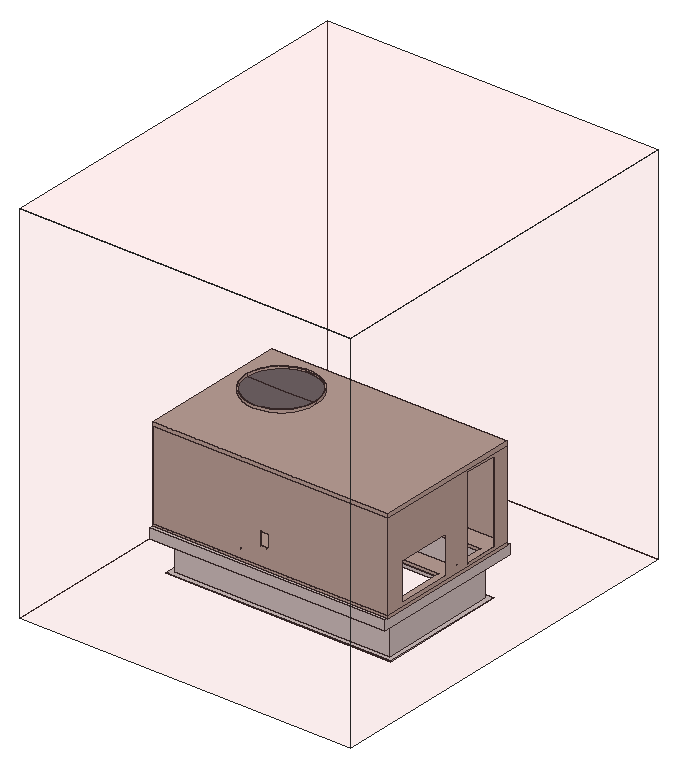
Revit family "CDR-ZX04-06, ZQ04-05, ZY04, XQ04, XY04", category Mechanical Equipment, Revit 2023
Family settings
  Round Connector Dimension = Use Diameter
  Part Type = Normal
  Work Plane-Based = No
  Always vertical = Yes
  Cut with Voids When Loaded = No
  Maintain Annotation Orientation = No
  Shared = No
  Room Calculation Point = No
Parameters (values of type "ZX04 - 3 Ton")
  Width = 48.880"  # constant formula
  Voltage = 208 V
  URL = "www.johnsoncontrols.com"
  Temperature Rise Range [instance] = 0 °F
  Supply Fan HP = 0 VA
  Supply Fan Full Load Current = 0 A
  Supply Air Connection Width (Optional) = 17 97/256"  # constant formula
  Supply Air Connection Width = 12 33/256"  # constant formula
  Supply Air Connection Height (Optional) = 11 241/256"  # constant formula
  Supply Air Connection Height = 17 3/4"  # constant formula
  Steady State Efficiency [instance] = 0
  Static Resistance [instance] = 0
  Standard Capacity Evaporator [instance] = "0"
  Show Clearance [instance] = yes
  Serial Number [instance] = ""
  Seasonal Energy Efficiency Rating [instance] = 0
  Return Air Dry Bulb Temperature [instance] = 0 °F
  Return Air Connection Width (Optional) = 10 113/128"  # constant formula
  Return Air Connection Width = 25 161/256"  # constant formula
  Return Air Connection Height (Optional) = 25 177/256"  # constant formula
  Return Air Connection Height = 10 225/256"  # constant formula
  Refrigerant Used = "R-410A"  # constant formula
  Refrigerant Charge System Two = 0.00 lbf
  Refrigerant Charge System One = 3.81 lbf
  Product Page URL = ""
  Product Documentation Link = ""
  Power Factor = 1  # constant formula
  Outdoor Ambient Temperature [instance] = 0 °F
  Outdoor Air Wet Bulb Temperature [instance] = 0 °F
  Operating Weight = 469.00 lbf
  OmniClass Title = "Packaged Rooftop Air Conditioning Units"  # constant formula
  OmniClass Number = "23.75.10.24.21.27.14"  # constant formula
  Number of Poles = 3
  Nominal Cooling Capacity = 3.0 ton
  Model = "ZX04"
  Maximum Overcurrent Protection = 0 A
  Manufacturer = "Johnson Controls, Inc."  # constant formula
  Length = 74.050"  # constant formula
  Keynote = ""
  Integrated Part Load Value = 0
  Height = 32.530"  # constant formula
  Gas Heating Performance MBH Output = 0 Btu/h
  Gas Heating Performance MBH Input = 0 Btu/h
  Gas Connection Diameter = 1/2"  # constant formula
  Frame Finish = Paint - JCI - Powder Coated - Galvanized Steel
  Filter Type = "2\""
  Filter Size and Quantity = "(16 x 25 x 2) - 2"  # constant formula
  Family Revision Date = "10/26/2017"  # constant formula
  Exhaust Fan HP [instance] = 0 VA
  Exhaust Air Flow = 0 CFM
  Exhaust Air Blower Full Load Current [instance] = 0 A
  Evaporator Coil Row Count = 2
  Evaporator Coil Fins per Inch = 15  # constant formula
  External Static Pressure [instance] = 0.00 in-wg
  Energy Efficiency Rating = 0
  Design Supply Air Flow [instance] = 0 CFM
  Description = "CDR Packaged Unit - 3 Ton Unit"
  Default Elevation = 0.000"
  Curb Width = 40.688"  # constant formula
  Curb Thicknes = 1.750"  # constant formula
  Curb Length = 70.875"  # constant formula
  Curb Height [instance] = 14.000"  # constant formula
  Curb Material = Metal - JCI - Steel - Galvanized With Wood Nailer
  Curb Exists [instance] = yes
  Copyright © = "Copyright © 2001-2017 Johnson Controls"  # constant formula
  Convenience Outlet Voltage [instance] = 0 V
  Convenience Outlet Full Load Current = 0 A
  Condenser Fan Quantity = 1  # constant formula
  Condenser Fan HP = 0 VA
  Condenser Fan Full Load Current = 0 A
  Condenser Fan Drive Type = "Direct"  # constant formula
  Condenser Fan Diameter = 22.000"  # constant formula
  Condenser Coils Fins per Inch = 23  # constant formula
  Condenser Coil Rows = 1
  Condensate Drain Flow [instance] = 0 GPM
  Condensate Drain Connection Diameter = 3/4"  # constant formula
  Compressor Type = "Scroll"  # constant formula
  Compressor Size = "0"  # constant formula
  Compressor Running Load Current = 0 A
  Compressor Quantity = 1  # constant formula
  Compressor Maximum Continuous Current = 0 A
  Compressor Locked Rotor Current = 0 A
  Clearance Top = 72.000"
  Clearance Right = 18.000"
  Clearance Left = 12.000"
  Clearance Front = 36.000"
  Clearance Bottom [instance] = if(Curb Exists, (Curb Height - Cabinet Base Thickness), 0.000")  # 10.940"
  Clearance Back = 36.000"
  Cabinet Base Thickness = 3.060"  # constant formula
  CTRL Curb Height [instance] = if(Curb Exists, Curb Height, Cabinet Base Thickness)  # 14.000"
  Assembly Code = ""
  Actual Supply Gas Connection Flow [instance] = 0 GPM
  Actual Supply Air Flow [instance] = 0 CFM
  Actual Return Air Flow [instance] = 0 CFM
Types (7): name | Refrigerant Charge System One | Operating Weight | Nominal Cooling Capacity | Model | Evaporator Coil Row Count | Description | Condenser Coil Rows
  (no name) | 3.81 lbf | 469.00 lbf | 3.0 ton | "ZX04" | 2 | "CDR Packaged Unit - 3 Ton Unit" | 1
  ZX04 - 3 Ton | 3.81 lbf | 469.00 lbf | 3.0 ton | "ZX04" | 2 | "CDR Packaged Unit - 3 Ton Unit" | 1
  ZX05 - 4 Ton | 3.75 lbf | 498.00 lbf | 4.0 ton | "ZX05" | 3 | "CDR Packaged Unit - 4 Ton Unit" | 2
  ZX06 - 5 Ton | 5.25 lbf | 530.00 lbf | 5.0 ton | "ZX06" | 4 | "CDR Packaged Unit - 5 Ton Unit" | 1
  ZY04 - 3 Ton | 4.63 lbf | 481.00 lbf | 3.0 ton | "ZY04" | 3 | "CDR Packaged Unit - 3 Ton Unit" | 1
  ZQ04 - 3 Ton | 3.38 lbf | 450.20 lbf | 3.0 ton | "ZQ04" | 2 | "CDR Packaged Unit - 3 Ton Unit" | 1
  ZQ05 - 4 Ton | 4.38 lbf | 487.20 lbf | 4.0 ton | "ZQ05" | 3 | "CDR Packaged Unit - 4 Ton Unit" | 1
Reference planes (in)
  plane 1 "Center (Front/Back)": y = 0
  plane 2 "Curb Bottom": z = 0
  plane 3 "Center (Left/Right)": x = 0
  plane 4 "Left": x = -37.025
  plane 5 "Right": x = 37.025
  plane 6 "Back": y = 24.44
  plane 7 "Front": y = -24.44
  plane 8 "Curb Top": z = 10.94
  plane 9 "Top": z = 43.47
  plane 10 "Cabinet Base": z = 14
  plane 11 "Top Inset": z = 42.22
  plane 12: z = 14.75
  plane 13 "Curb Right": x = 35.4375
  plane 14 "Curb Left": x = -35.4375
  plane 15 "Curb Back": y = 20.344
  plane 16 "Curb Front": y = -20.344
Forms (in)
  Sweep 1, solid, material "Metal - JCI - Steel Galvanized", detail levels fine
    path origin (0, 0, 0) x (1, 0, 0) y (0, 0, 1)
      loop
        line (0, 10.94) -> (0, 14)
    profile origin (0, 0, 12.47) x (-1, 0, 0) y (0, -1, 0)
      loop
        line (36.895, -24.44) -> (36.895, 24.44) -> (-36.915, 24.44) -> (-36.915, -24.44) -> (36.895, -24.44)
      loop
        line (36.395, -20.87) -> (36.395, 20.87) -> (-36.415, 20.87) -> (-36.415, -20.87) -> (36.395, -20.87)
  Sweep 2, solid, material "Paint - JCI - Powder Coated - Galvanized Steel" <- "Frame Finish", detail levels fine
    path origin (0, 0, 0) x (1, 0, 0) y (0, 0, 1)
      loop
        line (0, 14.75) -> (0, 42.22)
    profile origin (0, 0, 28.485) x (-1, 0, 0) y (0, -1, 0)
      loop
        line (37.025, -23.39) -> (37.025, 23.39) -> (-37.025, 23.39) -> (-37.025, -23.39) -> (37.025, -23.39)
      loop
        line (36.995, -23.36) -> (36.995, 23.36) -> (-36.995, 23.36) -> (-36.995, -23.36) -> (36.995, -23.36)
  Sweep 3, solid, material "Paint - JCI - Powder Coated - Galvanized Steel" <- "Frame Finish", detail levels fine
    path origin (0, 0, 0) x (1, 0, 0) y (0, 0, 1)
      loop
        line (0, 42.22) -> (0, 43.47)
    profile origin (0, 0, 42.845) x (-1, 0, 0) y (0, -1, 0)
      loop
        line (-37.025, -23.39) -> (37.025, -23.39) -> (37.025, 23.39) -> (-37.025, 23.39) -> (-37.025, -23.39)
      loop
        circle (22.025, -8.44) r 11
  Sweep 4, solid, material "Paint - JCI - Powder Coated - Galvanized Steel" <- "Frame Finish", detail levels fine
    path origin (0, 0, 0) x (1, 0, 0) y (0, 0, 1)
      loop
        line (0, 14) -> (0, 14.75)
    profile origin (0, 0, 14.375) x (-1, 0, 0) y (0, -1, 0)
      loop
        line (-37.025, -23.39) -> (37.025, -23.39) -> (37.025, 23.39) -> (-37.025, 23.39) -> (-37.025, -23.39)
  Sweep 5, void
    path origin (0, 0, 0) x (1, 0, 0) y (0, 0, 1)
      loop
        line (0, 14) -> (0, 14.75)
    profile origin (0, 0, 14.375) x (-1, 0, 0) y (0, -1, 0)
      loop
        line (-33.875, -16.96) -> (-8.24609, -16.96) -> (-8.24609, -6.08109) -> (-33.875, -6.08109) -> (-33.875, -16.96)
      loop
        line (-33.875, -0.70109) -> (-21.74609, -0.70109) -> (-21.74609, 17.04891) -> (-33.875, 17.04891) -> (-33.875, -0.70109)
      loop
        circle (-18.745, -3.22) r 0.375
  Extrusion 6, void
    sketch origin (0, 0, 0) x (1, 0, 0) y (0, 0, 1)
      loop
        circle (-9.155, 17.68) r 0.25
      loop
        line (-2.905, 20.42) -> (-0.575, 20.42) -> (-0.575, 24.65) -> (-2.905, 24.65) -> (-2.905, 20.42)
    from 20.02836 to 24.44
  Extrusion 7, solid, material "Paint - JCI - Powder Coated - Galvanized Steel" <- "Frame Finish", detail levels fine
    sketch origin (-37.025, 0, 0) x (0, 1, 0) y (0, 0, 1)
      loop
        circle (-18.78, 29.64) r 0.69
      loop
        line (-17.51, 26.92) -> (-20.43, 26.92) -> (-20.43, 22.23) -> (-17.51, 22.23) -> (-17.51, 26.92)
    from -0.1 to 0
  Extrusion 8, void
    sketch origin (0, 0, 0) x (0, 1, 0) y (0, 0, 1)
      loop
        line (7.52719, 41.59141) -> (7.52719, 15.9) -> (18.41, 15.9) -> (18.41, 41.59141) -> (7.52719, 41.59141)
      loop
        line (-17.90172, 27.82141) -> (-17.90172, 15.88) -> (-0.52281, 15.88) -> (-0.52281, 27.82141) -> (-17.90172, 27.82141)
      loop
        circle (3.52, 17.13) r 0.375
    from 30 to 37.025
  Sweep 9, solid, material "Metal - JCI - Steel - Galvanized With Wood Nailer" <- "Curb Material", visible <- "Curb Exists", detail levels fine
    path origin (0, 0, 0) x (1, 0, 0) y (0, 1, 0)
      loop
        line (-35.4375, 20.344) -> (-35.4375, -20.344) -> (35.4375, -20.344) -> (35.4375, 20.344) -> (-35.4375, 20.344)
    profile origin (35.4375, 0, 0) x (1, 0, 0) y (0, 0, 1)
      loop
        line (0, 14) -> (-1.75, 14) -> (-1.75, 0) -> (0, 0) -> (0, 0.06) -> (-1.69, 0.06) -> (-1.69, 13) -> (0, 13) -> (0, 14)
      loop
        line (-1.69, 13.06) -> (-0.06, 13.06) -> (-0.06, 13.94) -> (-1.69, 13.94) -> (-1.69, 13.06)
  Extrusion 10, solid, material "Metal - JCI - Steel - Galvanized With Wood Nailer" <- "Curb Material", visible <- "Curb Exists", detail levels fine
    sketch origin (0, 0, 14) x (-1, 0, 0) y (0, -1, 0)
      loop
        line (33.6875, -18.594) -> (33.6875, 18.594) -> (-1.4995, 18.594) -> (-1.4995, -1.813) -> (-16.6875, -1.813) -> (-16.6875, 18.594) -> (-19.6875, 18.594) -> (-19.6875, -1.813) -> (-33.6875, -1.813) -> (-33.6875, -4.813) -> (-1.4995, -4.813) -> (-1.4995, -18.594) -> (33.6875, -18.594)
      loop
        circle (-17.6565, -3.247) r 0.9
    from 0 to -1
Cuts and joins
  Sweep 5 cuts Sweep 4
  Extrusion 6, Extrusion 8 cuts Sweep 2
  joined: Sweep 9, Extrusion 10
Lines and regions (in)
  model lines, detail levels coarse+medium
    curve 1: line (-37.025, -24.44, 43.47) -> (37.025, -24.44, 43.47)
    curve 2: line (-37.025, -24.44, 10.94) -> (-37.025, -24.44, 43.47)
    curve 3: line (37.025, -24.44, 10.94) -> (-37.025, -24.44, 10.94)
    curve 4: line (37.025, -24.44, 43.47) -> (37.025, -24.44, 10.94)
    curve 5: line (-37.025, 24.44, 43.47) -> (37.025, 24.44, 43.47)
    curve 6: line (-37.025, 24.44, 10.94) -> (-37.025, 24.44, 43.47)
    curve 7: line (37.025, 24.44, 10.94) -> (-37.025, 24.44, 10.94)
    curve 8: line (37.025, 24.44, 43.47) -> (37.025, 24.44, 10.94)
    curve 9: line (37.025, -24.44, 43.47) -> (37.025, 24.44, 43.47)
    curve 10: line (37.025, -24.44, 10.94) -> (37.025, -24.44, 43.47)
    curve 11: line (37.025, 24.44, 10.94) -> (37.025, -24.44, 10.94)
    curve 12: line (37.025, 24.44, 43.47) -> (37.025, 24.44, 10.94)
    curve 13: line (-37.025, -24.44, 43.47) -> (-37.025, 24.44, 43.47)
    curve 14: line (-37.025, -24.44, 10.94) -> (-37.025, -24.44, 43.47)
    curve 15: line (-37.025, 24.44, 10.94) -> (-37.025, -24.44, 10.94)
    curve 16: line (-37.025, 24.44, 43.47) -> (-37.025, 24.44, 10.94)
  model lines, visible <- "Curb Exists", detail levels coarse+medium
    curve 17: line (-35.4375, -20.344, 14) -> (35.4375, -20.344, 14)
    curve 18: line (-35.4375, -20.344, 0) -> (-35.4375, -20.344, 14)
    curve 19: line (35.4375, -20.344, 0) -> (-35.4375, -20.344, 0)
    curve 20: line (35.4375, -20.344, 14) -> (35.4375, -20.344, 0)
    curve 21: line (-35.4375, 20.344, 0) -> (35.4375, 20.344, 0)
    curve 22: line (-35.4375, 20.344, 14) -> (-35.4375, 20.344, 0)
    curve 23: line (35.4375, 20.344, 14) -> (-35.4375, 20.344, 14)
    curve 24: line (35.4375, 20.344, 0) -> (35.4375, 20.344, 14)
    curve 25: line (35.4375, -20.344, 0) -> (35.4375, 20.344, 0)
    curve 26: line (35.4375, -20.344, 14) -> (35.4375, -20.344, 0)
    curve 27: line (35.4375, 20.344, 14) -> (35.4375, -20.344, 14)
    curve 28: line (35.4375, 20.344, 0) -> (35.4375, 20.344, 14)
    curve 29: line (-35.4375, -20.344, 0) -> (-35.4375, 20.344, 0)
    curve 30: line (-35.4375, -20.344, 14) -> (-35.4375, -20.344, 0)
    curve 31: line (-35.4375, 20.344, 14) -> (-35.4375, -20.344, 14)
    curve 32: line (-35.4375, 20.344, 0) -> (-35.4375, 20.344, 14)
  model lines, detail levels fine
    curve 33: line (2.055, -23.39, 42.22) -> (2.055, -23.39, 14.75)
    curve 34: line (0.185, -23.39, 42.22) -> (0.185, -23.39, 14.75)
    curve 35: line (-11.515, 23.39, 42.22) -> (-11.515, 23.39, 14.75)
    curve 36: line (2.475, 23.39, 42.22) -> (2.475, 23.39, 14.75)
    curve 37: line (2.475, 23.39, 30.31) -> (37.025, 23.39, 30.31)
    curve 38: line (2.475, 23.39, 31) -> (37.025, 23.39, 31)
Dimensions and locks (in)
  equal spacing: plane 4 "Left", plane 3 "Center (Left/Right)", plane 5 "Right"
  "Length": plane 4 "Left" to plane 5 "Right"
  equal spacing: plane 7 "Front", plane 1 "Center (Front/Back)", plane 6 "Back"
  "Width": plane 7 "Front" to plane 6 "Back"
  "Height": plane 9 "Top" to plane 8 "Curb Top"
  "Cabinet Base Thickness": plane 10 "Cabinet Base" to plane 8 "Curb Top"
  locked: plane 4 "Left" to Sweep 1 sketch curve at 0.13
  locked: Sweep 1 sketch curve to plane 5 "Right" at 0.11
  locked: Sweep 1 sketch curve to Sweep 1 sketch curve at 3.57  (x2)
  locked: Sweep 1 sketch curve to Sweep 1 sketch curve at 0.5  (x2)
  locked: Sweep 2 sketch curve to plane 6 "Back" at 1.05
  locked: plane 7 "Front" to Sweep 2 sketch curve at 1.05
  locked: Sweep 2 sketch curve to Sweep 2 sketch curve at 0.03  (x4)
  locked: plane 9 "Top" to plane 11 "Top Inset" at 1.25
  locked: plane 12 to plane 10 "Cabinet Base" at 0.75
  "Return Air Connection Height": Sweep 5 sketch curve to Sweep 5 sketch curve
  locked: Sweep 5 sketch curve to Sweep 5 sketch curve at 5.38
  "Supply Air Connection Height": Sweep 5 sketch curve to Sweep 5 sketch curve
  locked: Sweep 3 to Sweep 5 sketch curve at 6.43
  locked: Sweep 5 sketch curve to plane 5 "Right" at 3.15  (x2)
  "Supply Air Connection Width": Sweep 5 sketch curve to Sweep 5 sketch curve
  "Return Air Connection Width": Sweep 5 sketch curve to Sweep 5 sketch curve
  locked: Sweep 5 sketch curve to plane 5 "Right" at 18.28
  locked: Sweep 3 to Sweep 5 sketch curve at 20.17
  locked: Sweep 3 sketch curve to plane 6 "Back" at 16
  locked: plane 4 "Left" to Sweep 3 sketch curve at 15
  locked: Extrusion 6 sketch curve to plane 4 "Left" at 27.87
  locked: Extrusion 6 sketch curve to plane 8 "Curb Top" at 6.74
  locked: Extrusion 6 sketch curve to Extrusion 6 sketch curve at 4.23
  locked: Extrusion 6 sketch curve to plane 4 "Left" at 34.12
  locked: Extrusion 6 sketch curve to Extrusion 6 sketch curve at 2.33
  locked: Extrusion 6 sketch curve to plane 8 "Curb Top" at 9.48
  locked: Extrusion 7 sketch curve to plane 8 "Curb Top" at 18.7
  locked: Extrusion 7 sketch curve to cut or joined group of Sweep 2, Extrusion 6, Extrusion 8 at 4.61
  locked: Extrusion 8 sketch curve to plane 8 "Curb Top" at 4.96
  "Return Air Connection Height (Optional)": Extrusion 8 sketch curve to Extrusion 8 sketch curve
  locked: Extrusion 8 sketch curve to plane 8 "Curb Top" at 4.94
  "Supply Air Connection Height (Optional)": Extrusion 8 sketch curve to Extrusion 8 sketch curve
  locked: Extrusion 8 sketch curve to plane 8 "Curb Top" at 6.19
  locked: cut or joined group of Sweep 2, Extrusion 6, Extrusion 8 to Extrusion 8 sketch curve at 26.91
  locked: Extrusion 8 sketch curve to cut or joined group of Sweep 2, Extrusion 6, Extrusion 8 at 4.98
  "Return Air Connection Width (Optional)": Extrusion 8 sketch curve to Extrusion 8 sketch curve
  locked: Extrusion 8 sketch curve to Extrusion 8 sketch curve at 8.05
  "Supply Air Connection Width (Optional)": Extrusion 8 sketch curve to Extrusion 8 sketch curve
  equal spacing: plane 14 "Curb Left", plane 3 "Center (Left/Right)", plane 13 "Curb Right"
  "Curb Length": plane 14 "Curb Left" to plane 13 "Curb Right"
  equal spacing: plane 16 "Curb Front", plane 1 "Center (Front/Back)", plane 15 "Curb Back"
  "Curb Width": plane 16 "Curb Front" to plane 15 "Curb Back"
  "Curb Thicknes": Sweep 9 sketch curve to profile plane
  "Curb Height": Sweep 9 sketch curve to profile plane
  locked: Sweep 9 sketch curve to Sweep 9 sketch curve at 1
  locked: Sweep 9 sketch curve to Sweep 9 sketch curve at 0.06  (x6)
  "CTRL Curb Height": plane 10 "Cabinet Base" to plane 2 "Curb Bottom"
  locked: Extrusion 10 sketch curve to Sweep 9 at 13.781
  locked: Extrusion 10 sketch curve to Extrusion 10 sketch curve at 3  (x3)
  locked: Extrusion 10 sketch curve to Sweep 9 at 32.188
  locked: Extrusion 10 sketch curve to Sweep 9 at 14
  locked: Extrusion 10 sketch curve to plane 13 "Curb Right" at 17.781
  locked: plane 16 "Curb Front" to Extrusion 10 sketch curve at 23.591
  locked: Extrusion 7 sketch curve to plane 7 "Front" at 4.01
  locked: Extrusion 7 sketch curve to Extrusion 7 sketch curve at 2.92
  locked: Extrusion 7 sketch curve to plane 8 "Curb Top" at 11.29
  locked: Extrusion 7 sketch curve to Extrusion 7 sketch curve at 4.69
  locked: Extrusion 7 to plane 4 "Left" at 0.1
  nested 2 to plane 7 "Front" = 36.000"
  plane 6 "Back" to nested 2 = 36.000"
  plane 5 "Right" to nested 2 = 18.000"
  nested 2 to plane 4 "Left" = 12.000"
  "Curb Height": curve 17 to plane 2 "Curb Bottom"
  "Curb Height": curve 23 to plane 2 "Curb Bottom"
  "Curb Height": curve 27 to plane 2 "Curb Bottom"
  "Curb Height": curve 31 to plane 2 "Curb Bottom"
  locked: plane 4 "Left" to nested 1 at 15
  locked: nested 1 to plane 6 "Back" at 16
  locked: plane 5 "Right" to curve 33 at 34.97
  locked: plane 5 "Right" to curve 34 at 36.84
  locked: curve 35 to plane 4 "Left" at 25.51
  locked: curve 36 to plane 4 "Left" at 39.5
  locked: plane 8 "Curb Top" to curve 37 at 19.37
  locked: plane 8 "Curb Top" to curve 38 at 20.06
  "Condensate Drain Connection Diameter": diameter of Sweep 5 sketch curve
  "Gas Connection Diameter": diameter of Extrusion 6 sketch curve
  "Condensate Drain Connection Diameter": diameter of Extrusion 8 sketch curve
  "Condenser Fan Diameter": diameter of Sweep 3 sketch curve
  aligned and locked: level to plane 2 "Curb Bottom"
  aligned and locked: plane 8 "Curb Top" to Sweep 1 sketch curve
  aligned and locked: plane 3 "Center (Left/Right)" to Sweep 1 sketch curve
  aligned and locked: plane 10 "Cabinet Base" to Sweep 1 sketch curve
  aligned and locked: plane 6 "Back" to Sweep 1 sketch curve
  aligned and locked: Sweep 1 sketch curve to plane 7 "Front"
  aligned and locked: plane 3 "Center (Left/Right)" to Sweep 2 sketch curve
  aligned and locked: Sweep 2 sketch curve to plane 5 "Right"
  aligned and locked: plane 4 "Left" to Sweep 2 sketch curve
  aligned and locked: plane 11 "Top Inset" to Sweep 2 sketch curve
  aligned and locked: Sweep 3 sketch curve to Sweep 2  (x5)
  aligned and locked: plane 3 "Center (Left/Right)" to Sweep 3 sketch curve
  aligned and locked: plane 9 "Top" to Sweep 3 sketch curve
  aligned and locked: plane 12 to Sweep 2 sketch curve
  aligned and locked: plane 3 "Center (Left/Right)" to Sweep 4 sketch curve
  aligned and locked: plane 10 "Cabinet Base" to Sweep 4 sketch curve
  aligned and locked: plane 12 to Sweep 4 sketch curve
  aligned and locked: Sweep 4 sketch curve to Sweep 3  (x4)
  aligned and locked: plane 3 "Center (Left/Right)" to Sweep 5 sketch curve
  aligned and locked: plane 10 "Cabinet Base" to Sweep 5 sketch curve
  aligned and locked: plane 12 to Sweep 5 sketch curve
  aligned and locked: plane 9 "Top" to nested 1
  aligned and locked: plane 7 "Front" to Extrusion 6
  aligned and locked: plane 5 "Right" to Extrusion 8
  aligned and locked: plane 15 "Curb Back" to Sweep 9 sketch curve
  aligned and locked: plane 14 "Curb Left" to Sweep 9 sketch curve
  aligned and locked: Sweep 9 sketch curve to plane 16 "Curb Front"
  aligned and locked: Sweep 9 sketch curve to plane 13 "Curb Right"
  aligned and locked: profile plane to Sweep 9 sketch curve  (x2)
  aligned and locked: Sweep 9 sketch curve to profile plane
  aligned and locked: Sweep 9 to Extrusion 10 sketch curve  (x4)
  aligned and locked: Extrusion 10 to plane 10 "Cabinet Base"
  aligned and locked: Sweep 9 to Extrusion 10
  aligned and locked: Extrusion 10 sketch curve to Extrusion 10 sketch curve
  aligned and locked: Extrusion 10 sketch curve to Sweep 9
  aligned and locked: plane 4 "Left" to Extrusion 7
  aligned and locked: plane 8 "Curb Top" to nested 2
  aligned and locked: curve 1 to plane 9 "Top"
  aligned and locked: plane 4 "Left" to curve 2
  aligned and locked: plane 8 "Curb Top" to curve 3
  aligned and locked: curve 4 to plane 5 "Right"
  aligned and locked: curve 5 to plane 9 "Top"
  aligned and locked: plane 4 "Left" to curve 6
  aligned and locked: plane 8 "Curb Top" to curve 7
  aligned and locked: curve 8 to plane 5 "Right"
  aligned and locked: curve 9 to plane 9 "Top"
  aligned and locked: curve 10 to plane 7 "Front"
  aligned and locked: plane 8 "Curb Top" to curve 11
  aligned and locked: plane 6 "Back" to curve 12
  aligned and locked: curve 13 to plane 9 "Top"
  aligned and locked: curve 14 to plane 7 "Front"
  aligned and locked: plane 8 "Curb Top" to curve 15
  aligned and locked: plane 6 "Back" to curve 16
  aligned and locked: plane 14 "Curb Left" to curve 18
  aligned and locked: plane 2 "Curb Bottom" to curve 19
  aligned and locked: curve 20 to plane 13 "Curb Right"
  aligned and locked: curve 21 to plane 2 "Curb Bottom"
  aligned and locked: curve 22 to plane 14 "Curb Left"
  aligned and locked: plane 13 "Curb Right" to curve 24
  aligned and locked: curve 25 to plane 2 "Curb Bottom"
  aligned and locked: plane 16 "Curb Front" to curve 26
  aligned and locked: curve 28 to plane 15 "Curb Back"
  aligned and locked: curve 29 to plane 2 "Curb Bottom"
  aligned and locked: plane 16 "Curb Front" to curve 30
  aligned and locked: curve 32 to plane 15 "Curb Back"
  aligned and locked: plane 11 "Top Inset" to curve 33
  aligned and locked: plane 12 to curve 33
  aligned and locked: plane 11 "Top Inset" to curve 35
  aligned and locked: plane 12 to curve 35
  aligned and locked: plane 5 "Right" to curve 37
  aligned and locked: plane 5 "Right" to curve 38
  aligned and locked: curve 36 to curve 38
  aligned and locked: plane 11 "Top Inset" to curve 36
  aligned and locked: plane 12 to curve 36
  aligned and locked: plane 11 "Top Inset" to curve 34
  aligned and locked: plane 12 to curve 34
Automatic sketch dimensions
  radius of Extrusion 10 sketch curve = 0.900"
  radius of Extrusion 7 sketch curve = 0.690"
Nested families (in)
  nested 1: "CDR-JCI-Condenser_Fan" at (-22.025, 8.44, 43.47), type "Fan"
    with Radius 2 10.750", Radius 11.000", Height 0.840", Diameter 22.000"
  nested 2: "Include Clearance" at (0, 0, 10.94), visible <- "Show Clearance", type "Include Clearance"
    with Clearance Top 72.000", Clearance Right 18.000", Clearance Left 12.000", Clearance Front 36.000", Clearance Bottom 10.940", Clearance Back 36.000"
Connectors (in)
  hvac at (21.06055, 11.52055, 14), driven by "Return Air Connection Height", driven by "Return Air Connection Width", driven by "Actual Return Air Flow"
    settings: on cut or joined group of Sweep 4, Sweep 5, index 1, duct flow 0 CFM, flow factor 0, pres drop 0.00 in-wg, loss coef 0, conn angle 0.00°, conn width 25 161/256", conn height 10 225/256", conn diameter 24", duct sys type 2, conn prof type 1, flow config 0, flow direction 1, loss method 0, conn ref index -1, conn util no, is conn primary yes, conn desc "Return Air"
  hvac at (27.81055, -8.17391, 14), driven by "Supply Air Connection Height", driven by "Supply Air Connection Width", driven by "Actual Supply Air Flow"
    settings: on cut or joined group of Sweep 4, Sweep 5, index 2, duct flow 0 CFM, flow factor 0, pres drop 0.00 in-wg, loss coef 0, conn angle 0.00°, conn width 12 33/256", conn height 17 3/4", conn diameter 24", duct sys type 1, conn prof type 1, flow config 0, flow direction 2, loss method 0, conn ref index -1, conn util no, is conn primary no, conn desc "Supply Air"
  hvac at (37.025, 12.96859, 28.7457), driven by "Return Air Connection Height (Optional)", driven by "Return Air Connection Width (Optional)"
    settings: on cut or joined group of Sweep 2, Extrusion 6, Extrusion 8, index 4, duct flow 0 CFM, flow factor 0, pres drop 0.00 in-wg, loss coef 0, conn angle 0.00°, conn width 10 113/128", conn height 25 177/256", conn diameter 24", duct sys type 2, conn prof type 1, flow config 0, flow direction 1, loss method 0, conn ref index -1, conn util no, is conn primary no, conn desc "Return Air (Optional)"
  hvac at (37.025, -9.21227, 21.8507), driven by "Supply Air Connection Width (Optional)", driven by "Supply Air Connection Height (Optional)"
    settings: on cut or joined group of Sweep 2, Extrusion 6, Extrusion 8, index 5, duct flow 0 CFM, flow factor 0, pres drop 0.00 in-wg, loss coef 0, conn angle 0.00°, conn width 17 97/256", conn height 11 241/256", conn diameter 24", duct sys type 1, conn prof type 1, flow config 0, flow direction 2, loss method 0, conn ref index -1, conn util no, is conn primary no, conn desc "Supply Air (Optional)"
  piping at (-9.155, -23.39, 17.68), diameter 0.5, driven by "Actual Supply Gas Connection Flow", driven by "Gas Connection Diameter"
    settings: on cut or joined group of Sweep 2, Extrusion 6, Extrusion 8, index 6, connector inside diameter 24", connector length 0.000", flow factor 0, pipe flow 0 GPM, pressure drop 0.00 psi, fitting loss kfactor 0, connector angle 0.00°, fixture units 0, engagement length 0.000", angle of deflection 0.00°, flow configuration 0, flow direction 1, fitting loss method 0, system type 7, joint type 0, gender type 0, connector reference index -1, connector utility 0, adjustable connector no, is connector primary yes, connector description "Gas Inlet"
  piping at (18.745, 3.22, 14), diameter 0.75, driven by "Condensate Drain Flow", driven by "Condensate Drain Connection Diameter"
    settings: on cut or joined group of Sweep 4, Sweep 5, index 7, connector inside diameter 24", connector length 0.000", flow factor 0, pipe flow 0 GPM, pressure drop 0.00 psi, fitting loss kfactor 0, connector angle 0.00°, fixture units 0, engagement length 0.000", angle of deflection 0.00°, flow configuration 1, flow direction 2, fitting loss method 0, system type 16, joint type 0, gender type 0, connector reference index -1, connector utility 0, adjustable connector yes, is connector primary no, connector description "Condensate Drain"
  piping at (37.025, 3.52, 17.13), diameter 0.75, driven by "Condensate Drain Connection Diameter"
    settings: on cut or joined group of Sweep 2, Extrusion 6, Extrusion 8, index 8, connector inside diameter 24", connector length 0.000", flow factor 0, pipe flow 0 GPM, pressure drop 0.00 psi, fitting loss kfactor 0, connector angle 0.00°, fixture units 0, engagement length 0.000", angle of deflection 0.00°, flow configuration 1, flow direction 2, fitting loss method 0, system type 16, joint type 0, gender type 0, connector reference index -1, connector utility 0, adjustable connector yes, is connector primary no, connector description "Condensate Drain (Optional)"
  electrical at (-37.125, -18.78, 29.64), driven by "Number of Poles", driven by "Voltage", driven by "Power Factor"
    settings: on Extrusion 7, index 9, voltage 208 V, apparent load 0 VA, apparent load phase1 0 VA, apparent load phase2 0 VA, apparent load phase3 0 VA, power factor 1, load classification "Power", number of poles 3, system type 30, power factor state 1, is connector primary yes, connector utility no, sub classification motor no, connector description "Power Entry"
  electrical at (-37.125, -18.97, 24.575), driven by "Number of Poles", driven by "Convenience Outlet Voltage", driven by "Power Factor"
    settings: on Extrusion 7, index 10, voltage 0 V, apparent load 0 VA, apparent load phase1 0 VA, apparent load phase2 0 VA, apparent load phase3 0 VA, power factor 1, load classification "Power", number of poles 3, system type 30, power factor state 1, is connector primary no, connector utility no, sub classification motor no, connector description "Convenience Outlet Power"
Definition of nested family "CDR-JCI-Condenser_Fan"
  Parameters (values of type "Fan")
    Radius 2 = Radius - 0.250"  # 11.630"
    Radius = if(1 = 1, Diameter / 2, 1.000")  # 11.880"
    Height = 1.250"
    Frame Material = none
    Fan Blade Material = none
    Diameter = 23.760"
    Default Elevation = 0.000"
    Assembly Code = ""
  Reference planes (in)
    plane 1 "Center (Front/Back)": y = 0
    plane 2 "Bottom": z = 0
    plane 3 "Center (Left/Right)": x = 0
    plane 4 "Back": y = 11.88
    plane 5 "Front": y = -11.88
    plane 6 "Left": x = -11.88
    plane 7 "Right": x = 11.88
    plane 8 "Top": z = 1.25
    plane 9 "Right Inset": x = 11.63
    plane 10 "Top Inset": z = 0.75
  Forms (in)
    Revolve 1, solid, material <- "Fan Blade Material", detail levels fine
      sketch origin (0, 0, 0) x (1, 0, 0) y (0, 0, 1)
        loop
          line (0, 0.75) -> (0, 0) -> (11.63, 0) -> (11.63, 0.75) -> (0, 0.75)
        axis (0, 0.75) -> (0, 0)
      angle from 0 to 360
    Revolve 2, solid, material <- "Frame Material", detail levels fine
      sketch origin (0, 0, 0) x (1, 0, 0) y (0, 0, 1)
        loop
          line (11.63, 0) -> (11.88, 0) -> (11.88, 1.25) -> (11.63, 1.25) -> (11.63, 0)
        axis (0, 1.25) -> (0, 0)
      angle from 0 to 360
    Revolve 3, solid, material <- "Frame Material", detail levels medium
      sketch origin (0, 0, 0) x (1, 0, 0) y (0, 0, 1)
        loop
          line (0, 1.25) -> (0, 0) -> (11.88, 0) -> (11.88, 1.25) -> (0, 1.25)
        axis (0, 1.25) -> (0, 0)
      angle from 0 to 360
  Lines and regions (in)
    Masking region 1
      outline origin (0, 0, 0) x (1, 0, 0) y (0, 1, 0)
        loop
          circle (0, 0) r 11.88
    Masking region 2
      outline origin (0, 0, 0) x (1, 0, 0) y (0, 0, 1)
        loop
          line (-11.88, 1.25) -> (-11.88, 0) -> (11.88, 0) -> (11.88, 1.25) -> (-11.88, 1.25)
    Masking region 3
      outline origin (0, 0, 0) x (0, 1, 0) y (0, 0, 1)
        loop
          line (-11.88, 1.25) -> (-11.88, 0) -> (11.88, 0) -> (11.88, 1.25) -> (-11.88, 1.25)
    model lines, detail levels coarse
      curve 1: circle (0, 0, 0) r 11.88 normal (0, 0, 1)
      curve 2: circle (0, 0, 1.25) r 11.88 normal (0, 0, 1)
      curve 3: line (11.88, 0, 1.25) -> (11.88, 0, 0)
      curve 4: line (-11.88, 0, 1.25) -> (-11.88, 0, 0)
      curve 5: line (0, 11.88, 1.25) -> (0, 11.88, 0)
      curve 6: line (0, -11.88, 1.25) -> (0, -11.88, 0)
    symbolic lines, detail levels fine
      curve 7: circle (0, 0, 0) r 11.63 normal (0, 0, 1)
  Dimensions and locks (in)
    equal spacing: plane 5 "Front", plane 1 "Center (Front/Back)", plane 4 "Back"
    "Diameter": plane 5 "Front" to plane 4 "Back"
    equal spacing: plane 6 "Left", plane 3 "Center (Left/Right)", plane 7 "Right"
    "Diameter": plane 6 "Left" to plane 7 "Right"
    "Height": plane 8 "Top" to plane 2 "Bottom"
    locked: plane 9 "Right Inset" to plane 7 "Right" at 0.25
    locked: plane 8 "Top" to plane 10 "Top Inset" at 0.5
    "Radius": plane 3 "Center (Left/Right)" to curve 1
    "Radius": curve 1 to plane 1 "Center (Front/Back)"
    "Radius": curve 2 to plane 1 "Center (Front/Back)"
    "Radius": plane 3 "Center (Left/Right)" to curve 2
    "Radius": plane 3 "Center (Left/Right)" to Masking region 1 sketch curve
    "Radius": plane 1 "Center (Front/Back)" to Masking region 1 sketch curve
    "Radius 2": plane 3 "Center (Left/Right)" to curve 7
    "Radius 2": plane 1 "Center (Front/Back)" to curve 7
    "Radius": radius of curve 1
    "Radius": radius of curve 2
    "Radius": radius of Masking region 1 sketch curve
    "Radius 2": radius of curve 7
    aligned and locked: Revolve 1 sketch curve to plane 3 "Center (Left/Right)"
    aligned and locked: Revolve 1 sketch curve to Revolve 1 sketch curve
    aligned and locked: plane 2 "Bottom" to Revolve 1 sketch curve
    aligned and locked: Revolve 2 sketch curve to plane 3 "Center (Left/Right)"
    aligned and locked: Revolve 2 sketch curve to plane 8 "Top"
    aligned and locked: plane 2 "Bottom" to Revolve 2 sketch curve
    aligned and locked: plane 7 "Right" to Revolve 2 sketch curve
    aligned and locked: Revolve 2 sketch curve to plane 9 "Right Inset"
    aligned and locked: plane 9 "Right Inset" to Revolve 1 sketch curve
    aligned and locked: Revolve 1 sketch curve to plane 10 "Top Inset"
    aligned and locked: Revolve 3 sketch curve to plane 3 "Center (Left/Right)"
    aligned and locked: Revolve 3 sketch curve to Revolve 3 sketch curve
    aligned and locked: plane 2 "Bottom" to Revolve 3 sketch curve
    aligned and locked: plane 7 "Right" to Revolve 3 sketch curve
    aligned and locked: Revolve 3 sketch curve to plane 8 "Top"
    aligned and locked: plane 2 "Bottom" to curve 3
    aligned and locked: plane 2 "Bottom" to curve 4
    aligned and locked: plane 8 "Top" to curve 3
    aligned and locked: plane 8 "Top" to curve 4
    aligned and locked: plane 7 "Right" to curve 3
    aligned and locked: curve 4 to plane 6 "Left"
    aligned and locked: plane 2 "Bottom" to curve 5
    aligned and locked: plane 8 "Top" to curve 5
    aligned and locked: plane 2 "Bottom" to curve 6
    aligned and locked: plane 8 "Top" to curve 6
    aligned and locked: curve 5 to plane 4 "Back"
    aligned and locked: plane 5 "Front" to curve 6
    aligned and locked: Masking region 2 sketch curve to plane 8 "Top"
    aligned and locked: plane 2 "Bottom" to Masking region 2 sketch curve
    aligned and locked: plane 7 "Right" to Masking region 2 sketch curve
    aligned and locked: plane 6 "Left" to Masking region 2 sketch curve
    aligned and locked: Masking region 3 sketch curve to plane 8 "Top"
    aligned and locked: Masking region 3 sketch curve to plane 4 "Back"
    aligned and locked: plane 2 "Bottom" to Masking region 3 sketch curve
    aligned and locked: Masking region 3 sketch curve to plane 5 "Front"
  Automatic sketch dimensions
    Revolve 1 sketch curve to level = 24.000"
    Revolve 1 sketch curve to Revolve 1 sketch curve = 87.70035"
    Revolve 2 sketch curve to level = 24.000"
    plane 8 "Top" to Revolve 2 sketch curve = 87.20035"
    Revolve 3 sketch curve to level = 24.000"
    Revolve 3 sketch curve to Revolve 3 sketch curve = 87.20035"
Definition of nested family "Include Clearance"
  Parameters (values of type "Include Clearance")
    Width = 74.050"
    Height = 32.530"
    Depth = 48.880"
    Default Elevation = 48.000"
    Clearance Top = 120.000"
    Clearance Right = 60.000"
    Clearance Material = none
    Clearance Left = 60.000"
    Clearance Front = 60.000"
    Clearance Bottom = 36.000"
    Clearance Back = 60.000"
    Assembly Code = ""
  Reference planes (in)
    plane 1 "Center (Front/Back)": y = 0
    plane 2 "Bottom": z = 0
    plane 3 "Center (Left/Right)": x = 0
    plane 4 "Clearance Front": y = -84.44
    plane 5 "Top": z = 32.53
    plane 6 "Back": y = 24.44
    plane 7 "Left": x = -37.025
    plane 8 "Front": y = -24.44
    plane 9 "Right": x = 37.025
    plane 10 "Clearance Back": y = 84.44
    plane 11 "Clearance Left": x = -97.025
    plane 12 "Clearance Right": x = 97.025
    plane 13 "Clearance Top": z = 152.53
    plane 14 "Clearance Bottom": z = -36
  Forms (in)
    Extrusion 1, solid, material <- "Clearance Material"
      sketch origin (0, 0, 32.53) x (-1, 0, 0) y (0, -1, 0)
        loop
          line (97.025, -84.44) -> (97.025, 84.44) -> (-97.025, 84.44) -> (-97.025, -84.44) -> (97.025, -84.44)
      from -68.53 to 120
  Lines and regions (in)
    symbolic lines
      curve 1: line (-97.025, 84.44, 32.53) -> (97.025, 84.44, 32.53)
      curve 2: line (-97.025, -84.44, 32.53) -> (-97.025, 84.44, 32.53)
      curve 3: line (97.025, -84.44, 32.53) -> (-97.025, -84.44, 32.53)
      curve 4: line (97.025, 84.44, 32.53) -> (97.025, -84.44, 32.53)
      curve 5: line (-97.025, 0, 152.53) -> (97.025, 0, 152.53)
      curve 6: line (-97.025, 0, -36) -> (-97.025, 0, 152.53)
      curve 7: line (97.025, 0, -36) -> (-97.025, 0, -36)
      curve 8: line (97.025, 0, 152.53) -> (97.025, 0, -36)
      curve 9: line (0, -84.44, 152.53) -> (0, 84.44, 152.53)
      curve 10: line (0, -84.44, -36) -> (0, -84.44, 152.53)
      curve 11: line (0, 84.44, -36) -> (0, -84.44, -36)
      curve 12: line (0, 84.44, 152.53) -> (0, 84.44, -36)
  Dimensions and locks (in)
    "Height": plane 5 "Top" to plane 2 "Bottom"
    "Depth": plane 6 "Back" to plane 8 "Front"
    "Width": plane 7 "Left" to plane 9 "Right"
    equal spacing: plane 7 "Left", plane 3 "Center (Left/Right)", plane 9 "Right"
    equal spacing: plane 6 "Back", plane 1 "Center (Front/Back)", plane 8 "Front"
    "Clearance Bottom": plane 2 "Bottom" to plane 14 "Clearance Bottom"
    "Clearance Top": plane 13 "Clearance Top" to plane 5 "Top"
    "Clearance Left": plane 11 "Clearance Left" to plane 7 "Left"
    "Clearance Right": plane 9 "Right" to plane 12 "Clearance Right"
    "Clearance Back": plane 10 "Clearance Back" to plane 6 "Back"
    "Clearance Front": plane 4 "Clearance Front" to plane 8 "Front"
    aligned and locked: level to plane 2 "Bottom"
    aligned and locked: Extrusion 1 sketch curve to plane 10 "Clearance Back"
    aligned and locked: Extrusion 1 sketch curve to plane 11 "Clearance Left"
    aligned and locked: Extrusion 1 sketch curve to plane 12 "Clearance Right"
    aligned and locked: Extrusion 1 sketch curve to plane 4 "Clearance Front"
    aligned and locked: Extrusion 1 to plane 14 "Clearance Bottom"
    aligned and locked: Extrusion 1 to plane 13 "Clearance Top"
    aligned and locked: curve 1 to plane 10 "Clearance Back"
    aligned and locked: curve 2 to plane 11 "Clearance Left"
    aligned and locked: curve 4 to plane 12 "Clearance Right"
    aligned and locked: curve 3 to plane 4 "Clearance Front"
    aligned and locked: curve 5 to plane 13 "Clearance Top"
    aligned and locked: curve 6 to plane 11 "Clearance Left"
    aligned and locked: curve 7 to plane 14 "Clearance Bottom"
    aligned and locked: curve 8 to plane 12 "Clearance Right"
    aligned and locked: curve 9 to plane 13 "Clearance Top"
    aligned and locked: curve 11 to plane 14 "Clearance Bottom"
    aligned and locked: curve 12 to plane 10 "Clearance Back"
    aligned and locked: curve 10 to plane 4 "Clearance Front"
